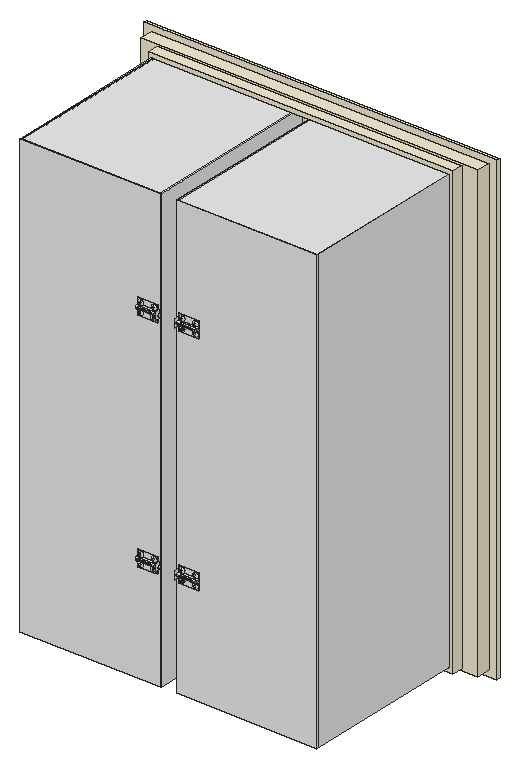
Revit family "4C-11_Door_High_Units_RL.rfa", category Specialty Equipment, host Wall, Revit 2016
Family settings
  Host = Wall
  Part Type = Normal
  Round Connector Dimension = Use Diameter
  Always vertical = Yes
  Cut with Voids When Loaded = No
  Shared = No
  Room Calculation Point = No
Parameters (values of type "3711D-20 RL")
  Width = 31.09766"
  Visible Door Number [instance] = yes
  Vertical Center Divider = yes
  Version = "2.0 (08/09/16)"
  Type Comments = "4C Standard Horizontal Mailbox - Rear Loading"
  Top Back Plate = no
  Right Inside Wall = yes
  Model = "3711D-20 RL"
  MasterFormat Title = "Postal Specialties"
  MasterFormat Number = "10 55 00"
  Manufacturer = "Salsbury Industries"
  Lock Material = Stainless Steel -Salsbury Finish =  Polished
  Lock Latches - Right Side = yes
  Lock Latches - Left Side = yes
  Left Inside Wall = yes
  Latch Alignment = 14.85742"
  Keynote = ""
  Height = 40.970"
  Front Panel Material [instance] = Aluminum - Salsbury Finish = Sandstone
  Door Slot R9 Number [instance] = "18"
  Door Slot R9 = 3700 Series 4C Door Configurations : MB1 Door w/ Divider
  Door Slot R8 Number [instance] = "17"
  Door Slot R8 = 3700 Series 4C Door Configurations : MB1 Door w/ Divider
  Door Slot R7 Number [instance] = "16"
  Door Slot R7 = 3700 Series 4C Door Configurations : MB1 Door w/ Divider
  Door Slot R6 Number [instance] = "0"
  Door Slot R6 = 3700 Series 4C OM2 Configuration : OM2-RL
  Door Slot R5 Number [instance] = "0"
  Door Slot R5 = 3700 Series 4C Door Configurations : Empty
  Door Slot R4 Number [instance] = "15"
  Door Slot R4 = 3700 Series 4C Door Configurations : MB1 Door w/ Divider
  Door Slot R3 Number [instance] = "14"
  Door Slot R3 = 3700 Series 4C Door Configurations : MB1 Door w/ Divider
  Door Slot R2 Number [instance] = "13"
  Door Slot R2 = 3700 Series 4C Door Configurations : MB1 Door w/ Divider
  Door Slot R11 Number [instance] = "20"
  Door Slot R11 = 3700 Series 4C Door Configurations : MB1 Door w/ Divider
  Door Slot R10 Number [instance] = "19"
  Door Slot R10 = 3700 Series 4C Door Configurations : MB1 Door w/ Divider
  Door Slot R1 Number [instance] = "12"
  Door Slot R1 = 3700 Series 4C Door Configurations : MB1 Door
  Door Slot L9 Number [instance] = "9"
  Door Slot L9 = 3700 Series 4C Door Configurations : MB1 Door w/ Divider
  Door Slot L8 Number [instance] = "8"
  Door Slot L8 = 3700 Series 4C Door Configurations : MB1 Door w/ Divider
  Door Slot L7 Number [instance] = "7"
  Door Slot L7 = 3700 Series 4C Door Configurations : MB1 Door w/ Divider
  Door Slot L6 Number [instance] = "6"
  Door Slot L6 = 3700 Series 4C Door Configurations : MB1 Door w/ Divider
  Door Slot L5 Number [instance] = "5"
  Door Slot L5 = 3700 Series 4C Door Configurations : MB1 Door w/ Divider
  Door Slot L4 Number [instance] = "4"
  Door Slot L4 = 3700 Series 4C Door Configurations : MB1 Door w/ Divider
  Door Slot L3 Number [instance] = "3"
  Door Slot L3 = 3700 Series 4C Door Configurations : MB1 Door w/ Divider
  Door Slot L2 Number [instance] = "2"
  Door Slot L2 = 3700 Series 4C Door Configurations : MB1 Door w/ Divider
  Door Slot L11 Number [instance] = "11"
  Door Slot L11 = 3700 Series 4C Door Configurations : MB1 Door w/ Divider
  Door Slot L10 Number [instance] = "10"
  Door Slot L10 = 3700 Series 4C Door Configurations : MB1 Door w/ Divider
  Door Slot L1 Number [instance] = "1"
  Door Slot L1 = 3700 Series 4C Door Configurations : MB1 Door
  Description = "11 Door High Unit: 20 MB1, OM2"
  Depth = 17.025"
  Center Extrusion Offset [instance] = 0.000"
  Bottom Back Plate = no
  Back Enclosure Material = Aluminum - Salsbury Finish = Anodized
  Assembly Code = "C1030910"
  Above Finished Floor (AFF-Bottom of Unit) [instance] = 26.683"
  Above Finished Floor (AFF-Bottom of Door) [instance] = 28.000"
Reference planes (in)
  plane 1 "Wall Centerline": y = 0
  plane 2 "Center (Left/Right)": x = 0
  plane 3 "Front": y = 3
  plane 4 "15" AFF": z = 28
  plane 5 "28" AFF": z = 28
  plane 6 "36" AFF": z = 36
  plane 7 "48" AFF": z = 48
  plane 8 "Bottom of Unit": z = 26.683
  plane 9 "Top of Unit": z = 67.653
  plane 10 "Left Side of Unit": x = 15.54883
  plane 11 "Right Side of Unit": x = -15.54883
  plane 12 "28" AFF_Bottom of Unit": z = 26.683
  plane 13 "Top Horiz Trim Align": z = 66.82225
  plane 14 "Bottom Horiz Trim Align": z = 27.515
  plane 15 "Left Trim Align": x = 14.716
  plane 16 "Right Trim Align": x = -14.716
  plane 17 "Left Door Align": x = 14.06641
  plane 18 "Right Door Align": x = -14.06641
  plane 19 "Top Horiz Door Align": z = 66.23125
  plane 20 "Bottom Horiz Door Align": z = 28
  plane 21 "Front Face of Unit": y = 3.265
  plane 22 "Top Housing Align": z = 67.149
  plane 23 "Top Collar Align": z = 67.001
  plane 24 "Top Box Align": z = 66.646
  plane 25 "Vertical Housing Align": y = 1.795
  plane 26 "Vertical Collar Align": y = 0.795
  plane 27 "Back of Unit": y = -13.76
  plane 28 "Bottom Housing Align": z = 27.187
  plane 29 "Bottom Collar Align": z = 27.335
  plane 30 "Bottom Box Align": z = 27.75
  plane 31 "Door Alignment": y = 2.66809
  plane 32 "Right Housing Align": x = -14.84183
  plane 33 "Right Collar Align": x = -13.40883
  plane 34 "Right Box Side Align": x = -13.08083
  plane 35 "Left Housing Align": x = 14.84183
  plane 36 "Left Collar Align": x = 13.40883
  plane 37 "Left Side Box Align": x = 13.08083
  plane 38 "Top Back Plate Align": z = 65.867
  plane 39 "Back": y = -3
  plane 40 "RO Left Side": x = 15.17383
  plane 41 "RO Right Side": x = -15.17383
  plane 42 "RO Bottom": z = 27.058
  plane 43 "RO Top": z = 67.278
  plane 44 "Horiz Centerline": z = 42.04237
  plane 45: x = 12.99983
  plane 46: x = 12.92758
  plane 47 "Center Extrusion": x = 0
  plane 48 "Center Extrusion Offset": x = 0
  plane 49 "Row 8 Top Align": z = 42
  plane 50 "Row 7 Top Align": z = 45.5
  plane 51 "Row 6 Top Align": z = 49
  plane 52 "Row 5 Top Align": z = 52.5
  plane 53 "Row 4 Top Align": z = 56
  plane 54 "Row 3 Top Align": z = 59.5
  plane 55 "Row 2 Top Align": z = 63
  plane 56 "Row 11 Top Align": z = 31.5
  plane 57 "Row 10 Top Align": z = 35
  plane 58 "Row 9 Top Align": z = 38.5
  plane 59 "Top of base shelf": z = 28.41625
  plane 60 "base shelf void": z = 28.23439
  plane 61: z = 29.999
  plane 62: z = 28.499
  plane 63 "bottom of base shelf": z = 27.88469
  plane 64 "Right Latch Align": x = -0.69141
  plane 65 "Left Latch Align": x = 0.69141
  plane 66 "Bottom Latch Align": z = 37.265
  plane 67 "Top Latch Align": z = 57.131
Forms (in)
  Extrusion 1, void
    sketch origin (0, 3, 0) x (1, 0, 0) y (0, 0, 1)
      loop
        line (15.17383, 67.278) -> (-15.17383, 67.278) -> (-15.17383, 27.058) -> (15.17383, 27.058) -> (15.17383, 67.278)
    from 0 to 15.27914
  Extrusion 2, solid, material "Aluminum - Salsbury Finish = Sandstone" <- "Front Panel Material"
    sketch origin (0, 3, 0) x (1, 0, 0) y (0, 0, 1)
      loop
        line (15.54883, 67.653) -> (-15.54883, 67.653) -> (-15.54883, 26.683) -> (15.54883, 26.683) -> (15.54883, 67.653)
    from -0.265 to 0
  Extrusion 3, void
    sketch origin (0, 3.265, 0.00774) x (0, 0, -1) y (-1, 0, 0)
      loop
        line (-66.81451, -14.716) -> (-27.50726, -14.716) -> (-27.50726, 14.716) -> (-66.81451, 14.716) -> (-66.81451, -14.716)
    from -0.265 to 0
  Extrusion 4, solid, material "Aluminum - Salsbury Finish = Sandstone" <- "Front Panel Material"
    sketch origin (14.98214, 3.265, -1.67978) x (0, 0, -1) y (-1, 0, 0)
      loop
        line (-68.50203, 29.69814) -> (-68.50203, 29.04855) -> (-29.19478, 29.04855) -> (-29.19478, 29.69814) -> (-68.50203, 29.69814)
    from 0 to -0.265
  Extrusion 5, solid, material "Aluminum - Salsbury Finish = Sandstone" <- "Front Panel Material"
    sketch origin (0, 3.265, 84.08475) x (0, 0, 1) y (1, 0, 0)
      loop
        line (-56.56975, 14.06641) -> (-56.56975, -14.06641) -> (-56.08475, -14.06641) -> (-56.08475, 14.06641) -> (-56.56975, 14.06641)
    from -0.265 to 0
  Extrusion 6, solid, material "Aluminum - Salsbury Finish = Sandstone" <- "Front Panel Material"
    sketch origin (0, 3, 84.08475) x (1, 0, 0) y (0, 0, 1)
      loop
        line (-14.84183, -56.89775) -> (14.84183, -56.89775) -> (14.84183, -16.93575) -> (-14.84183, -16.93575) -> (-14.84183, -56.89775)
    from 0 to 1.205
  Extrusion 7, solid, material "Aluminum - Salsbury Finish = Sandstone" <- "Front Panel Material"
    sketch origin (0, 1.795, 0) x (0, 0, 1) y (-1, 0, 0)
      loop
        line (27.335, 13.40883) -> (27.335, -13.40883) -> (67.001, -13.40883) -> (67.001, 13.40883) -> (27.335, 13.40883)
    from 0 to 1
  Extrusion 8, void
    sketch origin (0, 1.795, 0) x (0, 0, 1) y (-1, 0, 0)
      loop
        line (66.646, 13.08083) -> (27.75, 13.08083) -> (27.75, -13.08083) -> (66.646, -13.08083) -> (66.646, 13.08083)
    from 0 to 1
  Extrusion 9, solid, material "Aluminum - Salsbury Finish = Sandstone" <- "Front Panel Material"
    sketch origin (0, 3.265, 0) x (0, 0, -1) y (-1, 0, 0)
      loop
        line (-66.82225, -14.716) -> (-27.515, -14.716) -> (-27.515, -14.06641) -> (-66.82225, -14.06641) -> (-66.82225, -14.716)
    from 0 to -0.265
  Extrusion 10, solid, material "Aluminum - Salsbury Finish = Sandstone" <- "Front Panel Material"
    sketch origin (0, 3.265, 0) x (0, 0, -1) y (-1, 0, 0)
      loop
        line (-66.82225, -14.06641) -> (-66.23125, -14.06641) -> (-66.23125, 14.06641) -> (-66.82225, 14.06641) -> (-66.82225, -14.06641)
    from -0.265 to 0
  Extrusion 11, void
    sketch origin (0, 1.795, 0) x (0, 0, 1) y (-1, 0, 0)
      loop
        line (67.001, -13.40883) -> (67.001, 13.40883) -> (27.335, 13.40883) -> (27.335, -13.40883) -> (67.001, -13.40883)
    from -1.124 to 0
  Extrusion 12, void
    sketch origin (0, 3, 0) x (1, 0, 0) y (0, 0, 1)
      loop
        line (14.06641, 67.001) -> (-14.06641, 67.001) -> (-14.06641, 27.335) -> (14.06641, 27.335) -> (14.06641, 67.001)
    from 0 to 0.33191
  Extrusion 13, solid, material "Aluminum - Salsbury Finish = Anodized" <- "Back Enclosure Material"
    sketch origin (-0.54283, 1.795, 0) x (0, 0, 1) y (-1, 0, 0)
      loop
        line (66.646, 12.538) -> (27.75, 12.538) -> (27.75, 12.457) -> (66.646, 12.457) -> (66.646, 12.538)
    from 0 to 15.47297
  Extrusion 14, solid, material "Aluminum - Salsbury Finish = Anodized" <- "Back Enclosure Material", visible <- "Right Inside Wall"
    sketch origin (11.7675, 1.795, 0) x (0, 0, 1) y (-1, 0, 0)
      loop
        line (66.646, 12.538) -> (27.75, 12.538) -> (27.75, 12.457) -> (66.646, 12.457) -> (66.646, 12.538)
    from 0 to 15.47297
  Extrusion 15, solid, material "Aluminum - Salsbury Finish = Anodized" <- "Back Enclosure Material"
    sketch origin (0.54283, 1.795, 0) x (0, 0, 1) y (-1, 0, 0)
      loop
        line (66.646, -12.538) -> (66.646, -12.457) -> (27.75, -12.457) -> (27.75, -12.538) -> (66.646, -12.538)
    from 0 to 15.47297
  Extrusion 16, solid, material "Aluminum - Salsbury Finish = Anodized" <- "Back Enclosure Material", visible <- "Left Inside Wall"
    sketch origin (-11.7675, 1.795, 0) x (0, 0, 1) y (-1, 0, 0)
      loop
        line (66.646, -12.538) -> (66.646, -12.457) -> (27.75, -12.457) -> (27.75, -12.538) -> (66.646, -12.538)
    from 0 to 15.47297
  Extrusion 17, solid, material "Aluminum - Salsbury Finish = Anodized" <- "Back Enclosure Material"
    sketch origin (0, -13.76, 0) x (0, 0, 1) y (-1, 0, 0)
      loop
        line (66.646, 13.08083) -> (27.75, 13.08083) -> (27.75, -13.08083) -> (66.646, -13.08083) -> (66.646, 13.08083)
    from -0.08203 to 0
  Extrusion 18, solid, material "Aluminum - Salsbury Finish = Anodized" <- "Back Enclosure Material"
    sketch origin (0, 0, 66.646) x (0, 1, 0) y (-1, 0, 0)
      loop
        line (1.795, 12.99983) -> (-13.67797, 12.99983) -> (-13.67797, -12.99983) -> (1.795, -12.99983) -> (1.795, 12.99983)
    from -0.35871 to 0
  Extrusion 19, void
    sketch origin (0, 0, 66.646) x (0, 1, 0) y (-1, 0, 0)
      loop
        line (1.7325, 12.93342) -> (-13.61547, 12.93342) -> (-13.61547, -12.92758) -> (1.7325, -12.92758) -> (1.7325, 12.93342)
    from -0.0723 to -0.6459
  Extrusion 20, solid, material "Aluminum - Salsbury Finish = Anodized" <- "Back Enclosure Material"
    sketch origin (0, 0, 27.88469) x (-1, 0, 0) y (0, -1, 0)
      loop
        line (12.99983, -1.795) -> (12.99983, 13.67797) -> (-12.99983, 13.67797) -> (-12.99983, -1.795) -> (12.99983, -1.795)
    from 0.53156 to 0
  Extrusion 21, void
    sketch origin (0, 0, 27.88469) x (-1, 0, 0) y (0, -1, 0)
      loop
        line (12.93342, -1.7325) -> (12.93342, 13.61547) -> (-12.92758, 13.61547) -> (-12.92758, -1.7325) -> (12.93342, -1.7325)
    from 0.3497 to 0
  Extrusion 22, solid, material "Aluminum - Salsbury Finish = Anodized" <- "Back Enclosure Material", visible <- "Top Back Plate"
    sketch origin (0, -13.76, 0) x (0, 0, 1) y (-1, 0, 0)
      loop
        line (65.867, 2) -> (64.367, 2) -> (64.367, -2) -> (65.867, -2) -> (65.867, 2)
    from 0 to 0.08203
  Extrusion 23, solid, material "Aluminum - Salsbury Finish = Anodized" <- "Back Enclosure Material", visible <- "Bottom Back Plate"
    sketch origin (0, -13.76, 84.11475) x (0, 0, -1) y (1, 0, 0)
      loop
        line (55.61575, -2) -> (55.61575, 2) -> (54.11575, 2) -> (54.11575, -2) -> (55.61575, -2)
    from 0 to 0.08203
  Extrusion 24, void
    sketch origin (0, 0, 0) x (0, 0, 1) y (0, 1, 0)
      loop
        line (66.646, 1.795) -> (66.82225, 1.795) -> (66.82225, 3.265) -> (27.515, 3.265) -> (27.515, 1.795) -> (27.75, 1.795) -> (27.75, -13.76) -> (66.646, -13.76) -> (66.646, 1.795)
    from -0.69141 to 0.69141
  Extrusion 25, solid, material "Aluminum - Salsbury Finish = Sandstone" <- "Front Panel Material", visible <- "Vertical Center Divider"
    sketch origin (-0.77934, 3.265, 0) x (0, 0, -1) y (-1, 0, 0)
      loop
        line (-66.82225, -1.47075) -> (-27.515, -1.47075) -> (-27.515, -0.08794) -> (-66.82225, -0.08794) -> (-66.82225, -1.47075)
    from 0 to -1.47
Cuts and joins
  Extrusion 3, Extrusion 11, Extrusion 24 cuts Extrusion 2
  Extrusion 8, Extrusion 11, Extrusion 12, Extrusion 24 cuts Extrusion 5
  Extrusion 8, Extrusion 12, Extrusion 19, Extrusion 24 cuts Extrusion 7
  Extrusion 11, Extrusion 12, Extrusion 24 cuts Extrusion 10
  Extrusion 11, Extrusion 12 cuts Extrusion 6
  Extrusion 12 cuts Extrusion 4
  Extrusion 12 cuts Extrusion 9
  Extrusion 19, Extrusion 21, Extrusion 24 cuts Extrusion 18
  Extrusion 21, Extrusion 24 cuts Extrusion 20
  Extrusion 24 cuts Extrusion 17
  Extrusion 24 cuts Extrusion 22
  Extrusion 24 cuts Extrusion 23
Lines and regions (in)
  model lines
    curve 1: line (15.54883, 3.265, 67.653) -> (14.716, 3.265, 66.82017)
    curve 2: line (-15.54883, 3.265, 67.653) -> (-14.716, 3.265, 66.82017)
    curve 3: line (-15.54883, 3.265, 26.683) -> (-14.716, 3.265, 27.51583)
    curve 4: line (15.54883, 3.265, 26.683) -> (14.716, 3.265, 27.51583)
  reference lines
    curve 5: line (-14.06641, 2.66809, 25.683) -> (-14.06641, 2.66809, 71.93425)
    curve 6: line (14.06641, 2.66809, 26.183) -> (14.06641, 2.66809, 71.93425)
Text (in)
  text "Placement Side" at (0, 40.15149, 123.01588), in view "Right"
  text "Placement Side" at (-58.6842, 42.74981, 0), in view "Ref. Level"
  text "Placement Side" at (0, 47.49176, 140.59947), in view "Left"
Dimensions and locks (in)
  locked: plane 3 "Front" to host wall
  "Above Finished Floor (AFF-Bottom of Door)": level to plane 4 "15" AFF"
  locked: level to plane 5 "28" AFF" at 28
  locked: level to plane 6 "36" AFF" at 36
  locked: level to plane 7 "48" AFF" at 48
  equal spacing: plane 11 "Right Side of Unit", plane 2 "Center (Left/Right)", plane 10 "Left Side of Unit"
  plane 8 "Bottom of Unit" to plane 4 "15" AFF" = 1.317"
  "Width": plane 11 "Right Side of Unit" to plane 10 "Left Side of Unit"
  "Height": plane 8 "Bottom of Unit" to plane 9 "Top of Unit"
  plane 12 "28" AFF_Bottom of Unit" to plane 5 "28" AFF" = 1.317"
  locked: plane 15 "Left Trim Align" to plane 10 "Left Side of Unit" at 0.83283
  locked: plane 16 "Right Trim Align" to plane 11 "Right Side of Unit" at 0.83283
  locked: plane 13 "Top Horiz Trim Align" to plane 9 "Top of Unit" at 0.83075
  locked: plane 8 "Bottom of Unit" to plane 14 "Bottom Horiz Trim Align" at 0.832
  plane 17 "Left Door Align" to plane 15 "Left Trim Align" = 0.64959"
  plane 18 "Right Door Align" to plane 16 "Right Trim Align" = 0.64959"
  locked: plane 19 "Top Horiz Door Align" to plane 13 "Top Horiz Trim Align" at 0.591
  locked: plane 14 "Bottom Horiz Trim Align" to plane 20 "Bottom Horiz Door Align" at 0.485
  plane 20 "Bottom Horiz Door Align" to level = 28.000"
  plane 5 "28" AFF" to level = 28.000"
  plane 6 "36" AFF" to level = 36.000"
  plane 7 "48" AFF" to level = 48.000"
  plane 9 "Top of Unit" to plane 8 "Bottom of Unit" = 40.970"
  plane 21 "Front Face of Unit" to host wall = 0.265"
  locked: host wall to plane 25 "Vertical Housing Align" at 1.205
  locked: plane 25 "Vertical Housing Align" to plane 26 "Vertical Collar Align" at 1
  plane 25 "Vertical Housing Align" to plane 27 "Back of Unit" = 15.555"
  "Depth": plane 21 "Front Face of Unit" to plane 27 "Back of Unit"
  locked: plane 9 "Top of Unit" to plane 22 "Top Housing Align" at 0.504
  locked: plane 22 "Top Housing Align" to plane 23 "Top Collar Align" at 0.148
  locked: plane 23 "Top Collar Align" to plane 24 "Top Box Align" at 0.355
  locked: plane 28 "Bottom Housing Align" to plane 8 "Bottom of Unit" at 0.504
  locked: plane 29 "Bottom Collar Align" to plane 28 "Bottom Housing Align" at 0.148
  locked: plane 30 "Bottom Box Align" to plane 29 "Bottom Collar Align" at 0.415
  plane 24 "Top Box Align" to plane 30 "Bottom Box Align" = 38.896"  (x2)
  locked: plane 21 "Front Face of Unit" to plane 31 "Door Alignment" at 0.59691
  plane 11 "Right Side of Unit" to plane 32 "Right Housing Align" to plane 33 "Right Collar Align" to plane 34 "Right Box Side Align" = 0.707" locked, 1.433" locked, 0.328" locked
  plane 37 "Left Side Box Align" to plane 36 "Left Collar Align" to plane 35 "Left Housing Align" to plane 10 "Left Side of Unit" = 0.328" locked, 1.433" locked, 0.707" locked
  plane 11 "Right Side of Unit" to plane 32 "Right Housing Align" to plane 33 "Right Collar Align" to plane 34 "Right Box Side Align" = 0.707", 1.433", 0.328"
  plane 37 "Left Side Box Align" to plane 36 "Left Collar Align" to plane 35 "Left Housing Align" to plane 10 "Left Side of Unit" = 0.328", 1.433", 0.707"
  plane 9 "Top of Unit" to plane 24 "Top Box Align" = 1.007"
  plane 30 "Bottom Box Align" to plane 8 "Bottom of Unit" = 1.067"
  locked: plane 24 "Top Box Align" to plane 38 "Top Back Plate Align" at 0.779
  locked: plane 40 "RO Left Side" to plane 10 "Left Side of Unit" at 0.375
  locked: plane 41 "RO Right Side" to plane 11 "Right Side of Unit" at 0.375
  locked: plane 8 "Bottom of Unit" to plane 42 "RO Bottom" at 0.375
  locked: plane 43 "RO Top" to plane 9 "Top of Unit" at 0.375
  Extrusion 13 to Extrusion 13 = 0.081"
  Extrusion 15 to Extrusion 15 = 0.081"
  plane 45 to plane 37 "Left Side Box Align" = 0.081"
  plane 46 to plane 45 = 0.07225"
  plane 18 "Right Door Align" to plane 17 "Left Door Align" = 28.13281"
  "Center Extrusion Offset": plane 47 "Center Extrusion" to plane 48 "Center Extrusion Offset"
  plane 20 "Bottom Horiz Door Align" to plane 56 "Row 11 Top Align" to plane 57 "Row 10 Top Align" to plane 58 "Row 9 Top Align" to plane 49 "Row 8 Top Align" to plane 50 "Row 7 Top Align" = 3.500" locked, 3.500" locked, 3.500" locked, 3.500" locked, 3.500" locked
  plane 50 "Row 7 Top Align" to plane 51 "Row 6 Top Align" to plane 52 "Row 5 Top Align" to plane 53 "Row 4 Top Align" to plane 54 "Row 3 Top Align" to plane 55 "Row 2 Top Align" = 3.500" locked, 3.500" locked, 3.500" locked, 3.500" locked, 3.500" locked
  plane 59 "Top of base shelf" to plane 60 "base shelf void" to plane 63 "bottom of base shelf" to plane 30 "Bottom Box Align" = 0.18186" locked, 0.3497" locked, 0.13469" locked
  plane 61 to plane 62 to plane 8 "Bottom of Unit" = 1.500" locked, 1.816" locked
  "Above Finished Floor (AFF-Bottom of Unit)": level to plane 8 "Bottom of Unit"
  locked: plane 64 "Right Latch Align" to plane 65 "Left Latch Align" at 1.38281
  plane 24 "Top Box Align" to plane 67 "Top Latch Align" = 9.515"
  plane 66 "Bottom Latch Align" to plane 30 "Bottom Box Align" = 9.515"
  "Latch Alignment": plane 11 "Right Side of Unit" to plane 64 "Right Latch Align"
  aligned and locked: plane 8 "Bottom of Unit" to Extrusion 2 sketch curve
  aligned and locked: plane 10 "Left Side of Unit" to Extrusion 2 sketch curve
  aligned and locked: Extrusion 2 sketch curve to plane 11 "Right Side of Unit"
  aligned and locked: Extrusion 2 sketch curve to plane 9 "Top of Unit"
  aligned and locked: plane 21 "Front Face of Unit" to Extrusion 2
  aligned and locked: Extrusion 4 to plane 16 "Right Trim Align"
  aligned and locked: plane 18 "Right Door Align" to Extrusion 4
  aligned and locked: plane 13 "Top Horiz Trim Align" to Extrusion 4
  aligned and locked: Extrusion 5 to plane 14 "Bottom Horiz Trim Align"
  aligned and locked: Extrusion 5 to plane 17 "Left Door Align"
  aligned and locked: plane 20 "Bottom Horiz Door Align" to Extrusion 5
  aligned and locked: Extrusion 5 to plane 18 "Right Door Align"
  aligned and locked: plane 34 "Right Box Side Align" to Extrusion 17 sketch curve
  aligned and locked: Extrusion 17 sketch curve to plane 24 "Top Box Align"
  aligned and locked: Extrusion 17 sketch curve to plane 37 "Left Side Box Align"
  aligned and locked: plane 30 "Bottom Box Align" to Extrusion 17 sketch curve
  aligned and locked: plane 25 "Vertical Housing Align" to Extrusion 18 sketch curve
  aligned and locked: Extrusion 18 sketch curve to plane 45
  aligned and locked: plane 46 to Extrusion 19
  aligned and locked: plane 45 to cut or joined group of Extrusion 18, Extrusion 19, Extrusion 21, Extrusion 24
  aligned and locked: plane 25 "Vertical Housing Align" to Extrusion 20 sketch curve
  aligned and locked: Extrusion 20 sketch curve to plane 45
  aligned and locked: plane 46 to cut or joined group of Extrusion 20, Extrusion 21, Extrusion 24
  aligned and locked: plane 17 "Left Door Align" to cut or joined group of Extrusion 9, Extrusion 12
  aligned and locked: plane 25 "Vertical Housing Align" to Extrusion 25
  aligned and locked: plane 21 "Front Face of Unit" to Extrusion 25
  aligned and locked: nested 12 to plane 17 "Left Door Align"
  aligned and locked: plane 31 "Door Alignment" to nested 12  (x2)
  aligned and locked: nested 13 to plane 17 "Left Door Align"
  aligned and locked: plane 31 "Door Alignment" to nested 13  (x2)
  aligned and locked: nested 15 to plane 17 "Left Door Align"
  aligned and locked: plane 31 "Door Alignment" to nested 15
  aligned and locked: nested 18 to plane 17 "Left Door Align"
  aligned and locked: plane 31 "Door Alignment" to nested 18
  aligned and locked: nested 19 to plane 17 "Left Door Align"
  aligned and locked: plane 31 "Door Alignment" to nested 19  (x2)
  aligned and locked: nested 20 to plane 17 "Left Door Align"
  aligned and locked: plane 31 "Door Alignment" to nested 20
  aligned and locked: nested 21 to plane 17 "Left Door Align"
  aligned and locked: plane 31 "Door Alignment" to nested 21
  aligned and locked: nested 11 to curve 5
  aligned and locked: nested 9 to curve 5
  aligned and locked: nested 8 to curve 5
  aligned and locked: nested 7 to curve 5
  aligned and locked: nested 6 to curve 5
  aligned and locked: nested 5 to curve 5
  aligned and locked: nested 3 to curve 5
  aligned and locked: nested 22 to curve 6
  aligned and locked: nested 21 to curve 6
  aligned and locked: nested 20 to curve 6
  aligned and locked: nested 19 to curve 6
  aligned and locked: nested 18 to curve 6
  aligned and locked: nested 17 to curve 6
  aligned and locked: nested 16 to curve 6
  aligned and locked: nested 15 to curve 6
  aligned and locked: nested 14 to curve 6
  aligned and locked: nested 13 to curve 6
  aligned and locked: nested 12 to curve 6
  aligned and locked: plane 31 "Door Alignment" to nested 6
  aligned and locked: plane 31 "Door Alignment" to nested 11
  aligned and locked: plane 31 "Door Alignment" to nested 22
  aligned and locked: plane 31 "Door Alignment" to nested 9
  aligned and locked: plane 31 "Door Alignment" to nested 8
  aligned and locked: plane 31 "Door Alignment" to nested 17
  aligned and locked: plane 31 "Door Alignment" to nested 5
  aligned and locked: plane 31 "Door Alignment" to nested 3
  aligned and locked: plane 31 "Door Alignment" to nested 14
  aligned and locked: plane 31 "Door Alignment" to nested 16
  aligned and locked: plane 31 "Door Alignment" to nested 2
  aligned and locked: plane 31 "Door Alignment" to nested 4
  aligned and locked: plane 31 "Door Alignment" to nested 10
  aligned and locked: nested 10 to curve 5
  aligned and locked: nested 1 to curve 5
  aligned and locked: nested 2 to curve 5
  aligned and locked: nested 4 to curve 5
  aligned and locked: plane 31 "Door Alignment" to nested 1
  aligned and locked: plane 31 "Door Alignment" to nested 7
  aligned and locked: cut or joined group of Extrusion 23, Extrusion 24 to plane 62
  aligned and locked: plane 59 "Top of base shelf" to cut or joined group of Extrusion 20, Extrusion 21, Extrusion 24
  aligned and locked: cut or joined group of Extrusion 20, Extrusion 21, Extrusion 24 to plane 63 "bottom of base shelf"
  aligned and locked: plane 20 "Bottom Horiz Door Align" to nested 11
  aligned and locked: plane 20 "Bottom Horiz Door Align" to nested 22
  aligned and locked: plane 56 "Row 11 Top Align" to nested 10
  aligned and locked: plane 56 "Row 11 Top Align" to nested 21
  aligned and locked: plane 57 "Row 10 Top Align" to nested 9
  aligned and locked: plane 57 "Row 10 Top Align" to nested 20
  aligned and locked: plane 58 "Row 9 Top Align" to nested 8
  aligned and locked: plane 58 "Row 9 Top Align" to nested 19
  aligned and locked: plane 49 "Row 8 Top Align" to nested 7
  aligned and locked: plane 49 "Row 8 Top Align" to nested 18
  aligned and locked: plane 50 "Row 7 Top Align" to nested 6
  aligned and locked: plane 50 "Row 7 Top Align" to nested 17
  aligned and locked: plane 51 "Row 6 Top Align" to nested 5
  aligned and locked: plane 51 "Row 6 Top Align" to nested 16
  aligned and locked: plane 52 "Row 5 Top Align" to nested 4
  aligned and locked: plane 52 "Row 5 Top Align" to nested 15
  aligned and locked: plane 53 "Row 4 Top Align" to nested 3
  aligned and locked: plane 53 "Row 4 Top Align" to nested 14
  aligned and locked: plane 54 "Row 3 Top Align" to nested 2
  aligned and locked: plane 54 "Row 3 Top Align" to nested 13
  aligned and locked: plane 55 "Row 2 Top Align" to nested 1
  aligned and locked: plane 55 "Row 2 Top Align" to nested 12
  aligned and locked: nested 24 to plane 27 "Back of Unit"
  aligned and locked: nested 23 to plane 27 "Back of Unit"
  aligned and locked: nested 26 to plane 27 "Back of Unit"
  aligned and locked: nested 25 to plane 27 "Back of Unit"
  aligned and locked: plane 66 "Bottom Latch Align" to nested 26
  aligned and locked: plane 66 "Bottom Latch Align" to nested 25
  aligned and locked: plane 65 "Left Latch Align" to nested 26
  aligned and locked: plane 64 "Right Latch Align" to nested 25
  aligned and locked: plane 67 "Top Latch Align" to nested 24
  aligned and locked: plane 67 "Top Latch Align" to nested 23
  aligned and locked: plane 65 "Left Latch Align" to nested 24
  aligned and locked: plane 64 "Right Latch Align" to nested 23
Automatic sketch dimensions
  Extrusion 1 sketch curve to plane 41 "RO Right Side" = 0.000"
  plane 40 "RO Left Side" to Extrusion 1 sketch curve = 0.000"
  Extrusion 1 sketch curve to plane 42 "RO Bottom" = 0.000"
  Extrusion 1 sketch curve to plane 43 "RO Top" = 0.000"
  Extrusion 6 sketch curve to plane 22 "Top Housing Align" = 0.000"
  Extrusion 6 sketch curve to plane 32 "Right Housing Align" = 0.000"
  Extrusion 6 sketch curve to plane 35 "Left Housing Align" = 0.000"
  Extrusion 6 sketch curve to plane 28 "Bottom Housing Align" = 0.000"
  Extrusion 7 sketch curve to plane 29 "Bottom Collar Align" = 0.000"
  Extrusion 7 sketch curve to plane 23 "Top Collar Align" = 0.000"
  plane 36 "Left Collar Align" to Extrusion 7 sketch curve = 0.000"
  Extrusion 7 sketch curve to plane 33 "Right Collar Align" = 0.000"
  Extrusion 8 sketch curve to plane 30 "Bottom Box Align" = 0.000"
  Extrusion 8 sketch curve to plane 24 "Top Box Align" = 0.000"
  Extrusion 8 sketch curve to plane 37 "Left Side Box Align" = 0.000"
  plane 34 "Right Box Side Align" to Extrusion 8 sketch curve = 0.000"
  Extrusion 11 sketch curve to plane 29 "Bottom Collar Align" = 0.000"
  Extrusion 11 sketch curve to plane 23 "Top Collar Align" = 0.000"
  plane 36 "Left Collar Align" to Extrusion 11 sketch curve = 0.000"
  plane 33 "Right Collar Align" to Extrusion 11 sketch curve = 0.000"
  Extrusion 13 sketch curve to plane 30 "Bottom Box Align" = 0.000"
  Extrusion 13 sketch curve to plane 24 "Top Box Align" = 0.000"
  plane 34 "Right Box Side Align" to Extrusion 13 sketch curve = 0.000"
  Extrusion 13 sketch curve to Extrusion 13 sketch curve = 0.081"
  Extrusion 15 sketch curve to plane 30 "Bottom Box Align" = 0.000"
  Extrusion 15 sketch curve to plane 24 "Top Box Align" = 0.000"
  plane 37 "Left Side Box Align" to Extrusion 15 sketch curve = 0.000"
  plane 37 "Left Side Box Align" to Extrusion 15 sketch curve = 0.081"
  Extrusion 18 sketch curve to plane 27 "Back of Unit" = 0.08203"
  plane 34 "Right Box Side Align" to Extrusion 18 sketch curve = 0.081"
  curve 2 to plane 9 "Top of Unit" = 0.000"
  curve 1 to plane 9 "Top of Unit" = 0.000"
  curve 2 to plane 16 "Right Trim Align" = 0.000"
  plane 15 "Left Trim Align" to curve 1 = 0.000"
  curve 3 to plane 16 "Right Trim Align" = 0.000"
  plane 15 "Left Trim Align" to curve 4 = 0.000"
  curve 4 to plane 8 "Bottom of Unit" = 0.000"
  curve 3 to plane 8 "Bottom of Unit" = 0.000"
  plane 10 "Left Side of Unit" to curve 4 = 0.000"
  plane 10 "Left Side of Unit" to curve 1 = 0.000"
  plane 11 "Right Side of Unit" to curve 3 = 0.000"
  plane 11 "Right Side of Unit" to curve 2 = 0.000"
  curve 2 to plane 13 "Top Horiz Trim Align" = 0.00208"
  curve 1 to plane 13 "Top Horiz Trim Align" = 0.00208"
  plane 14 "Bottom Horiz Trim Align" to curve 3 = 0.00083"
  plane 14 "Bottom Horiz Trim Align" to curve 4 = 0.00083"
  Extrusion 3 sketch curve to plane 13 "Top Horiz Trim Align" = 0.000"
  Extrusion 3 sketch curve to plane 14 "Bottom Horiz Trim Align" = 0.000"
  plane 15 "Left Trim Align" to Extrusion 3 sketch curve = 0.000"
  Extrusion 3 sketch curve to plane 16 "Right Trim Align" = 0.000"
  plane 13 "Top Horiz Trim Align" to Extrusion 4 sketch curve = 0.000"
  plane 14 "Bottom Horiz Trim Align" to Extrusion 4 sketch curve = 0.000"
  Extrusion 4 sketch curve to plane 16 "Right Trim Align" = 0.000"
  Extrusion 4 sketch curve to plane 18 "Right Door Align" = 0.000"
  Extrusion 5 sketch curve to plane 14 "Bottom Horiz Trim Align" = 0.000"
  Extrusion 5 sketch curve to plane 4 "15" AFF" = 0.000"
  plane 17 "Left Door Align" to Extrusion 5 sketch curve = 0.000"
  Extrusion 5 sketch curve to plane 18 "Right Door Align" = 0.000"
  Extrusion 9 sketch curve to plane 13 "Top Horiz Trim Align" = 0.000"
  Extrusion 9 sketch curve to plane 14 "Bottom Horiz Trim Align" = 0.000"
  plane 15 "Left Trim Align" to Extrusion 9 sketch curve = 0.000"
  plane 17 "Left Door Align" to Extrusion 9 sketch curve = 0.000"
  Extrusion 10 sketch curve to plane 13 "Top Horiz Trim Align" = 0.000"
  plane 17 "Left Door Align" to Extrusion 10 sketch curve = 0.000"
  Extrusion 10 sketch curve to plane 18 "Right Door Align" = 0.000"
  Extrusion 10 sketch curve to plane 19 "Top Horiz Door Align" = 0.000"
  Extrusion 12 sketch curve to plane 18 "Right Door Align" = 0.000"
  plane 17 "Left Door Align" to Extrusion 12 sketch curve = 0.000"
  Extrusion 12 sketch curve to plane 29 "Bottom Collar Align" = 0.000"
  Extrusion 12 sketch curve to plane 23 "Top Collar Align" = 0.000"
  Extrusion 14 sketch curve to plane 30 "Bottom Box Align" = 0.000"
  Extrusion 14 sketch curve to plane 24 "Top Box Align" = 0.000"
  Extrusion 14 sketch curve to plane 2 "Center (Left/Right)" = 0.6895"
  Extrusion 14 sketch curve to Extrusion 14 sketch curve = 0.081"
  Extrusion 16 sketch curve to plane 30 "Bottom Box Align" = 0.000"
  Extrusion 16 sketch curve to plane 24 "Top Box Align" = 0.000"
  Extrusion 16 sketch curve to plane 2 "Center (Left/Right)" = 0.6895"
  Extrusion 16 sketch curve to Extrusion 16 sketch curve = 0.081"
  Extrusion 19 sketch curve to plane 46 = 0.000"
  Extrusion 19 sketch curve to plane 27 "Back of Unit" = 0.14453"
  plane 25 "Vertical Housing Align" to Extrusion 19 sketch curve = 0.0625"
  plane 34 "Right Box Side Align" to Extrusion 19 sketch curve = 0.14741"
  Extrusion 22 sketch curve to plane 38 "Top Back Plate Align" = 0.000"
  plane 38 "Top Back Plate Align" to Extrusion 22 sketch curve = 1.500"
  plane 2 "Center (Left/Right)" to Extrusion 22 sketch curve = 2.000"
  Extrusion 22 sketch curve to plane 2 "Center (Left/Right)" = 2.000"
  Extrusion 23 sketch curve to plane 2 "Center (Left/Right)" = 2.000"
  plane 2 "Center (Left/Right)" to Extrusion 23 sketch curve = 2.000"
  Extrusion 24 sketch curve to plane 14 "Bottom Horiz Trim Align" = 0.000"
  Extrusion 24 sketch curve to plane 25 "Vertical Housing Align" = 0.000"  (x2)
  Extrusion 24 sketch curve to plane 30 "Bottom Box Align" = 0.000"
  Extrusion 24 sketch curve to plane 24 "Top Box Align" = 0.000"
  Extrusion 24 sketch curve to plane 13 "Top Horiz Trim Align" = 0.000"
  Extrusion 24 sketch curve to plane 27 "Back of Unit" = 0.000"
  Extrusion 24 sketch curve to plane 21 "Front Face of Unit" = 0.000"
  Extrusion 25 sketch curve to plane 13 "Top Horiz Trim Align" = 0.000"
  Extrusion 25 sketch curve to plane 14 "Bottom Horiz Trim Align" = 0.000"
  plane 2 "Center (Left/Right)" to Extrusion 25 sketch curve = 0.69141"
  Extrusion 25 sketch curve to plane 2 "Center (Left/Right)" = 0.69141"
  curve 5 to plane 18 "Right Door Align" = 0.000"
  plane 17 "Left Door Align" to curve 6 = 0.000"
  curve 5 to plane 8 "Bottom of Unit" = 1.000"
  curve 6 to plane 8 "Bottom of Unit" = 0.500"
  plane 9 "Top of Unit" to curve 6 = 4.28125"
  plane 9 "Top of Unit" to curve 5 = 4.28125"
  Extrusion 23 sketch curve to plane 4 "15" AFF" = 0.499"
  Extrusion 23 sketch curve to Extrusion 23 sketch curve = 1.500"
  plane 34 "Right Box Side Align" to Extrusion 20 sketch curve = 0.081"
  Extrusion 20 sketch curve to plane 27 "Back of Unit" = 0.08203"
  Extrusion 21 sketch curve to plane 46 = 0.000"
  plane 34 "Right Box Side Align" to Extrusion 21 sketch curve = 0.14741"
  plane 25 "Vertical Housing Align" to Extrusion 21 sketch curve = 0.0625"
  Extrusion 21 sketch curve to plane 27 "Back of Unit" = 0.14453"
Nested families (in)
  nested 1: "3700 Series 4C Door Configurations" at (-7.37891, 2.79505, 63) x (-1, 0, 0) z (0, 0, 1), type <- "Door Slot R1", Door Number <- "Door Slot R1 Number", type "MB1 Door"
    with Door Number "12"
  nested 2: "3700 Series 4C Door Configurations" at (-7.37891, 2.79505, 59.5) x (-1, 0, 0) z (0, 0, 1), type <- "Door Slot R2", Door Number <- "Door Slot R2 Number", type "MB1 Door w/ Divider"
    with Door Number "13"
  nested 3: "3700 Series 4C Door Configurations" at (-7.37891, 2.79505, 56) x (-1, 0, 0) z (0, 0, 1), type <- "Door Slot R3", Door Number <- "Door Slot R3 Number", type "MB1 Door w/ Divider"
    with Door Number "14"
  nested 4: "3700 Series 4C Door Configurations" at (-7.37891, 2.79505, 52.5) x (-1, 0, 0) z (0, 0, 1), type <- "Door Slot R4", Door Number <- "Door Slot R4 Number", type "MB1 Door w/ Divider"
    with Door Number "15"
  nested 5: "3700 Series 4C Door Configurations" at (-7.37891, 2.79505, 49) x (-1, 0, 0) z (0, 0, 1), type <- "Door Slot R5", Door Number <- "Door Slot R5 Number", type "Empty"
    with Door Number "0"
  nested 6: "3700 Series 4C OM2 Configuration" at (-7.37891, 2.79505, 45.5) x (-1, 0, 0) z (0, 0, 1), type <- "Door Slot R6", type "OM2-RL"
  nested 7: "3700 Series 4C Door Configurations" at (-7.37891, 2.79505, 42) x (-1, 0, 0) z (0, 0, 1), type <- "Door Slot R7", Door Number <- "Door Slot R7 Number", type "MB1 Door w/ Divider"
    with Door Number "16"
  nested 8: "3700 Series 4C Door Configurations" at (-7.37891, 2.79505, 38.5) x (-1, 0, 0) z (0, 0, 1), type <- "Door Slot R8", Door Number <- "Door Slot R8 Number", type "MB1 Door w/ Divider"
    with Door Number "17"
  nested 9: "3700 Series 4C Door Configurations" at (-7.37891, 2.79505, 35) x (-1, 0, 0) z (0, 0, 1), type <- "Door Slot R9", Door Number <- "Door Slot R9 Number", type "MB1 Door w/ Divider"
    with Door Number "18"
  nested 10: "3700 Series 4C Door Configurations" at (-7.37891, 2.79505, 31.5) x (-1, 0, 0) z (0, 0, 1), Door Number <- "Door Slot R10 Number", type <- "Door Slot R10", type "MB1 Door w/ Divider"
    with Door Number "19"
  nested 11: "3700 Series 4C Door Configurations" at (-7.37891, 2.79505, 28) x (-1, 0, 0) z (0, 0, 1), Door Number <- "Door Slot R11 Number", type <- "Door Slot R11", type "MB1 Door w/ Divider"
    with Door Number "20"
  nested 12: "3700 Series 4C Door Configurations" at (7.37891, 2.79505, 63) x (-1, 0, 0) z (0, 0, 1), type <- "Door Slot L1", Door Number <- "Door Slot L1 Number", type "MB1 Door"
    with Door Number "1"
  nested 13: "3700 Series 4C Door Configurations" at (7.37891, 2.79505, 59.5) x (-1, 0, 0) z (0, 0, 1), type <- "Door Slot L2", Door Number <- "Door Slot L2 Number", type "MB1 Door w/ Divider"
    with Door Number "2"
  nested 14: "3700 Series 4C Door Configurations" at (7.37891, 2.79505, 56) x (-1, 0, 0) z (0, 0, 1), type <- "Door Slot L3", Door Number <- "Door Slot L3 Number", type "MB1 Door w/ Divider"
    with Door Number "3"
  nested 15: "3700 Series 4C Door Configurations" at (7.37891, 2.79505, 52.5) x (-1, 0, 0) z (0, 0, 1), type <- "Door Slot L4", Door Number <- "Door Slot L4 Number", type "MB1 Door w/ Divider"
    with Door Number "4"
  nested 16: "3700 Series 4C Door Configurations" at (7.37891, 2.79505, 49) x (-1, 0, 0) z (0, 0, 1), type <- "Door Slot L5", Door Number <- "Door Slot L5 Number", type "MB1 Door w/ Divider"
    with Door Number "5"
  nested 17: "3700 Series 4C Door Configurations" at (7.37891, 2.79505, 45.5) x (-1, 0, 0) z (0, 0, 1), type <- "Door Slot L6", Door Number <- "Door Slot L6 Number", type "MB1 Door w/ Divider"
    with Door Number "6"
  nested 18: "3700 Series 4C Door Configurations" at (7.37891, 2.79505, 42) x (-1, 0, 0) z (0, 0, 1), Door Number <- "Door Slot L7 Number", type <- "Door Slot L7", type "MB1 Door w/ Divider"
    with Door Number "7"
  nested 19: "3700 Series 4C Door Configurations" at (7.37891, 2.79505, 38.5) x (-1, 0, 0) z (0, 0, 1), type <- "Door Slot L8", Door Number <- "Door Slot L8 Number", type "MB1 Door w/ Divider"
    with Door Number "8"
  nested 20: "3700 Series 4C Door Configurations" at (7.37891, 2.79505, 35) x (-1, 0, 0) z (0, 0, 1), type <- "Door Slot L9", Door Number <- "Door Slot L9 Number", type "MB1 Door w/ Divider"
    with Door Number "9"
  nested 21: "3700 Series 4C Door Configurations" at (7.37891, 2.79505, 31.5) x (-1, 0, 0) z (0, 0, 1), type <- "Door Slot L10", Door Number <- "Door Slot L10 Number", type "MB1 Door w/ Divider"
    with Door Number "10"
  nested 22: "3700 Series 4C Door Configurations" at (7.37891, 2.79505, 28) x (-1, 0, 0) z (0, 0, 1), type <- "Door Slot L11", Door Number <- "Door Slot L11 Number", type "MB1 Door w/ Divider"
    with Door Number "11"
  nested 23: "4C Latch Lock-Right" at (-1.81641, -13.882, 56.4435) x (-1, 0, 0) z (0, 0, 1), type "Lock Latch"
  nested 24: "4C Latch Lock-Left" at (1.81641, -13.882, 56.4435) x (-1, 0, 0) z (0, 0, 1), type "Lock Latch"
  nested 25: "4C Latch Lock-Right" at (-1.81641, -13.882, 36.5775) x (-1, 0, 0) z (0, 0, 1), type "Lock Latch"
  nested 26: "4C Latch Lock-Left" at (1.81641, -13.882, 36.5775) x (-1, 0, 0) z (0, 0, 1), type "Lock Latch"
Definition of nested family "3700 Series 4C Door Configurations"
  Parameters (values of type "MB1 Door w/ Divider")
    Weight = "5 lbs."
    Visible Door Number = yes
    URL = ""
    Model = "3700MB1"
    Manufacturer = "Salsbury Industries"
    Lock Material = none
    Inset Offset = 0.000"
    Front Panel Material = none
    Door Width = 13.375"
    Door Visibility-MB1 = yes
    Door Number [instance] = "101"
    Door Lock = yes
    Door Height = 3.23047"
    Door Divider = yes
    Door Depth = 0.25391"
    Description = "MB1 Door for 3700 Series 4C Mailboxes"
    Cost = 0
    Center Lock-Vertical = 0.875"
    Center Lock-Horizontal = 1.61523"
  Types (11): name | Weight | Visible Door Number | Model | Inset Offset | Door Visibility-MB1 | Door Lock | Door Height | Door Divider | Description
    MB1 Door w/ Divider | "5 lbs." | yes | "3700MB1" | 0.000" | yes | yes | 3.23047" | yes | "MB1 Door for 3700 Series 4C Mailboxes"
    MB1 Door | "5 lbs." | yes | "3700MB1" | 0.000" | yes | yes | 3.23047" | no | "MB1 Door for 3700 Series 4C Mailboxes"
    MB2 Door | "10 lbs." | yes | "3700MB2" | 0.000" | yes | yes | 6.73047" | no | "MB2 Door for 3700 Series 4C Mailboxes"
    MB2 Door w/ Divider | "10 lbs." | yes | "3700MB2" | 0.000" | yes | yes | 6.73047" | yes | "MB2 Door for 3700 Series 4C Mailboxes"
    MB3 Door | "15 lbs." | yes | "3700MB3" | 0.000" | yes | yes | 10.23047" | no | "MB3 Door for 3700 Series 4C Mailboxes"
    MB3 Door w/ Divider | "15 lbs." | yes | "3700MB3" | 0.000" | yes | yes | 10.23047" | yes | "MB3 Door for 3700 Series 4C Mailboxes"
    MB4 Door | "20 lbs." | yes | "3700MB4" | 0.000" | yes | yes | 13.73047" | no | "MB4 Door for 3700 Series 4C Mailboxes"
    MB4 Door w/ Divider | "20 lbs." | yes | "3700MB4" | 0.000" | yes | yes | 13.73047" | yes | "MB4 Door for 3700 Series 4C Mailboxes"
    Blank Door | "5 lbs." | no | "3700MB1" | 0.18359" | yes | no | 3.23047" | no | "MB1 Door for 3700 Series 4C Mailboxes"
    Blank Door w/ Divider | "5 lbs." | no | "3700MB1" | 0.18402" | yes | no | 3.23047" | yes | "MB1 Door for 3700 Series 4C Mailboxes"
    Empty | "5 lbs." | no | "Empty MB1" | 0.18359" | no | no | 3.23047" | no | "Empty MB1 Door for 3700 Series 4C Mailboxes"
  Reference planes (in)
    plane 1 "Center (Front/Back)": y = 0
    plane 2 "Bottom of Door": z = 0
    plane 3 "Center (Left/Right)": x = 0
    plane 4 "Left Side Face of Door": x = -6.6875
    plane 5 "Right Side Face of Door": x = 6.6875
    plane 6 "Back Face of Door": y = 0.12695
    plane 7 "Front Face of Door": y = -0.12695
    plane 8: z = 3.23047
    plane 9: z = 1.61523
    plane 10 "Face of Divider": y = -0.46995
    plane 11 "Center Lock Vertical": x = -5.8125
    plane 12 "Center Lock Horizontal": z = 1.61523
    plane 13 "Face of Lock": y = -0.42383
    plane 14 "Divider Height Align": z = 3.50047
    plane 15 "Inset Center": x = -0.0975
    plane 16 "Inset Offset": y = -0.12695
    plane 17: z = 1.99038
    plane 18: z = 1.24072
  Forms (in)
    Extrusion 1, solid, material <- "Front Panel Material", visible <- "Door Visibility-MB1"
      sketch origin (0, 0, 0) x (1, 0, 0) y (0, 1, 0)
        loop
          line (-6.4355, 0.12695) -> (-6.6875, -0.05445) -> (-6.6875, -0.12695) -> (6.05625, -0.12695)
          arc (6.05625, -0.12695) -> (6.19558, -0.17661) -> (6.27209, -0.3032) r 0.22029
          arc (6.27209, -0.3032) -> (6.3553, -0.42132) -> (6.4925, -0.46664) r 0.23034
          arc (6.4925, -0.46664) -> (6.63039, -0.40952) -> (6.6875, -0.27164) r 0.195
          line (6.6875, -0.27164) -> (6.6875, 0.12695) -> (-6.4355, 0.12695)
      from 0 to 3.23047
    Blend 2, solid, material <- "Lock Material", visible <- "Door Lock"
      base sketch origin (0, -0.12695, 0) x (-1, 0, 0) y (0, 0, 1)
        loop
          circle (5.8125, 1.61523) r 0.525
      top sketch origin (0, -0.12695, 0) x (-1, 0, 0) y (0, 0, 1)
        loop
          circle (5.8125, 1.61523) r 0.485
      from 0 to -0.29688
    Extrusion 3, solid, material <- "Front Panel Material", visible <- "Door Divider"
      sketch origin (0, 0, 3.50047) x (-1, 0, 0) y (0, -1, 0)
        loop
          line (6.6875, -0.12695) -> (6.6875, 0.46995) -> (-6.6875, 0.46995) -> (-6.6875, -0.12695) -> (6.6875, -0.12695)
      from -0.27 to 0
    Extrusion 4, void
      sketch origin (0, -0.42383, 0) x (1, 0, 0) y (0, 0, 1)
        loop
          circle (-5.8125, 1.49523) r 0.285
      from 0 to -0.01562
    Extrusion 5, void
      sketch origin (0, -0.42383, 0) x (1, 0, 0) y (0, 0, 1)
        loop
          line (-5.84183, 1.62353) -> (-5.84183, 1.32353) -> (-5.78183, 1.32353) -> (-5.78183, 1.62353) -> (-5.84183, 1.62353)
      from 0 to -0.03906
    Extrusion 6, void
      sketch origin (0, -0.12695, 0) x (0, 0, 1) y (-1, 0, 0)
        loop
          arc (2.36523, 0.8475) -> (2.32862, 0.93589) -> (2.24023, 0.9725) r 0.125
          line (2.24023, 0.9725) -> (0.99023, 0.9725)
          arc (0.99023, 0.9725) -> (0.90185, 0.93589) -> (0.86523, 0.8475) r 0.125
          line (0.86523, 0.8475) -> (0.86523, -0.6525)
          arc (0.86523, -0.6525) -> (0.90185, -0.74089) -> (0.99023, -0.7775) r 0.125
          line (0.99023, -0.7775) -> (2.24023, -0.7775)
          arc (2.24023, -0.7775) -> (2.32862, -0.74089) -> (2.36523, -0.6525) r 0.125
          line (2.36523, -0.6525) -> (2.36523, 0.8475)
      from 0 to -0.03906
  Cuts and joins
    Extrusion 4, Extrusion 5 cuts Blend 2
    Extrusion 6 cuts Extrusion 1
  Dimensions and locks (in)
    equal spacing: plane 6 "Back Face of Door", plane 1 "Center (Front/Back)", plane 7 "Front Face of Door"
    "Door Depth": plane 6 "Back Face of Door" to plane 7 "Front Face of Door"
    equal spacing: plane 4 "Left Side Face of Door", plane 3 "Center (Left/Right)", plane 5 "Right Side Face of Door"  (x2)
    "Door Width": plane 4 "Left Side Face of Door" to plane 5 "Right Side Face of Door"
    locked: plane 7 "Front Face of Door" to plane 10 "Face of Divider" at 0.343
    "Center Lock-Vertical": plane 4 "Left Side Face of Door" to plane 11 "Center Lock Vertical"
    "Inset Offset": plane 16 "Inset Offset" to plane 7 "Front Face of Door"
    plane 4 "Left Side Face of Door" to plane 5 "Right Side Face of Door" = 13.375"
    plane 6 "Back Face of Door" to plane 10 "Face of Divider" = 0.59691"
    "Door Height": plane 8 to plane 2 "Bottom of Door"
    equal spacing: plane 8, plane 9, plane 2 "Bottom of Door"
    locked: plane 14 "Divider Height Align" to plane 8 at 0.27
    plane 17 to plane 9 to plane 18 = 0.37515" locked, 0.37452" locked
    aligned and locked: level to plane 2 "Bottom of Door"
    aligned and locked: plane 4 "Left Side Face of Door" to Extrusion 1
    aligned and locked: plane 6 "Back Face of Door" to Extrusion 1
    aligned and locked: plane 7 "Front Face of Door" to Extrusion 1
    aligned and locked: plane 8 to Extrusion 1
    aligned and locked: Extrusion 3 sketch curve to plane 4 "Left Side Face of Door"
    aligned and locked: Extrusion 3 sketch curve to plane 6 "Back Face of Door"
    aligned and locked: plane 5 "Right Side Face of Door" to Extrusion 3 sketch curve
    aligned and locked: Extrusion 3 to plane 8
    aligned and locked: plane 10 "Face of Divider" to Extrusion 3 sketch curve
    aligned and locked: plane 14 "Divider Height Align" to Extrusion 3
    aligned and locked: cut or joined group of Extrusion 1, Extrusion 6 to plane 2 "Bottom of Door"
    aligned and locked: plane 18 to text3d elem
  Automatic sketch dimensions
    Extrusion 1 sketch curve to plane 4 "Left Side Face of Door" = 0.000"
    Extrusion 1 sketch curve to plane 6 "Back Face of Door" = 0.000"
    Extrusion 1 sketch curve to plane 7 "Front Face of Door" = 0.000"
    Extrusion 1 sketch curve to plane 5 "Right Side Face of Door" = 0.000"
    Extrusion 1 sketch curve to plane 4 "Left Side Face of Door" = 0.252"
    plane 5 "Right Side Face of Door" to Extrusion 1 sketch curve = 0.63125"
    Extrusion 1 sketch curve to plane 7 "Front Face of Door" = 0.10935"
    plane 5 "Right Side Face of Door" to Extrusion 1 sketch curve = 0.195"
    Extrusion 1 sketch curve to plane 7 "Front Face of Door" = 0.14468"
    plane 10 "Face of Divider" to Extrusion 1 sketch curve = 0.12271"
    plane 1 "Center (Front/Back)" to Extrusion 1 sketch curve = 0.05445"
    plane 10 "Face of Divider" to Extrusion 1 sketch curve = 0.16676"
    Blend 2 sketch curve to plane 9 = 0.000"  (x2)
    plane 11 "Center Lock Vertical" to Blend 2 sketch curve = 0.000"  (x2)
    plane 11 "Center Lock Vertical" to Extrusion 4 sketch curve = 0.000"
    Extrusion 4 sketch curve to plane 9 = 0.120"
    Extrusion 4 sketch curve to Extrusion 4 sketch curve = 0.285"
    plane 11 "Center Lock Vertical" to Extrusion 5 sketch curve = 0.02933"
    Extrusion 5 sketch curve to plane 11 "Center Lock Vertical" = 0.03067"
    Extrusion 5 sketch curve to plane 9 = 0.2917"
    plane 9 to Extrusion 5 sketch curve = 0.0083"
    Extrusion 6 sketch curve to plane 9 = 0.750"
    Extrusion 6 sketch curve to Extrusion 6 sketch curve = 0.125"  (x3)
    plane 9 to Extrusion 6 sketch curve = 0.625"  (x2)
    plane 3 "Center (Left/Right)" to Extrusion 6 sketch curve = 0.7775"
    plane 15 "Inset Center" to Extrusion 6 sketch curve = 0.750"
    radius of Blend 2 sketch curve = 0.525"
    radius of Blend 2 sketch curve = 0.485"
Definition of nested family "3700 Series 4C OM2 Configuration"
  Parameters (values of type "OM2-FL")
    Weight = ""
    URL = ""
    Access Lock Offset = 0.000"
    Access Lock = yes
    Model = "3700OM2-FL"
    Manufacturer = "Salsbury Industries"
    Lock Material = none
    Front Panel Material = none
    Door Width = 13.375"
    Door Number [instance] = "101"
    Door Height = 7.00047"
    Door Depth = 0.25391"
    Description = "OM2 Door for 3700 Series 4C Mailboxes-Front Loading"
    Cost = 0
    Center Lock-Vertical = 2.360"
    Center Lock-Horizontal = 1.61523"
  Types (3): name | Access Lock Offset | Access Lock | Model | Description
    (no name) | 0.000" | yes | "3700OM2-FL" | "OM2 Door for 3700 Series 4C Mailboxes-Front Loading"
    OM2-FL | 0.000" | yes | "3700OM2-FL" | "OM2 Door for 3700 Series 4C Mailboxes-Front Loading"
    OM2-RL | 0.3125" | no | "3700OM2-RL" | "OM2 Door for 3700 Series 4C Mailboxes-Rear Loading"
  Reference planes (in)
    plane 1 "Center (Front/Back)": y = 0
    plane 2 "Bottom of Door": z = 0
    plane 3 "Center (Left/Right)": x = 0
    plane 4 "Left Side Face of Door": x = -6.6875
    plane 5 "Right Side Face of Door": x = 6.6875
    plane 6 "Back Face of Door": y = 0.12695
    plane 7 "Front Face of Door": y = -0.12695
    plane 8: z = 3.23047
    plane 9: z = 1.61523
    plane 10: y = -0.46995
    plane 11 "Center Lock Vertical": x = -4.3275
    plane 12 "Center Lock Horizontal": z = 1.61523
    plane 13 "Face of Lock": y = -0.42383
    plane 14 "Divider Height Align": z = 3.50047
    plane 15 "Plate Center": x = -0.16063
    plane 16 "Left Stud Align": x = -5.7025
    plane 17 "Right Stud Align": x = -2.8895
    plane 18 "Top Stud Align": z = 2.27147
    plane 19 "Bottom Stud Align": z = 0.95947
    plane 20 "Hinge Stud Align": x = 5.6875
    plane 21 "Mail Plate Top": z = 2.61547
    plane 22 "Mail Plate Bottom": z = 0.61547
    plane 23: x = -2.1595
    plane 24: x = 1.8405
    plane 25 "Face of Mail Plate": y = -0.16602
    plane 26 "Top of Mail Drop Door": z = 6.73094
    plane 27 "Top of Mail Drop Divider": z = 7.00047
    plane 28 "Face of Mail Drop": y = -0.31995
    plane 29 "Top of Mail Slot": z = 6.42087
    plane 30 "Bottom of Mail Slot": z = 5.67087
    plane 31 "Left Edge of Mail Slot": x = -5.3755
    plane 32 "Right Edge of Mail Slot": x = 5.3755
    plane 33 "Mail Slot Bottom Protusion": z = 6.50987
    plane 34: y = -0.49395
    plane 35: z = 6.15637
    plane 36 "Front of Awning": y = -1.63495
    plane 37: y = -1.15685
    plane 38 "Mail Slot Slope": through (-240, -0.44582, 6.9722) normal (0, -0.5, 0.866)
    plane 39 "Access Lock Offset": y = 0.12695
  Forms (in)
    Extrusion 1, solid, material <- "Front Panel Material"
      sketch origin (0, 0, 0) x (1, 0, 0) y (0, 1, 0)
        loop
          line (-6.4355, 0.12695) -> (-6.6875, -0.05445) -> (-6.6875, -0.12695) -> (6.05625, -0.12695)
          arc (6.05625, -0.12695) -> (6.19558, -0.17661) -> (6.27209, -0.3032) r 0.22029
          arc (6.27209, -0.3032) -> (6.3553, -0.42132) -> (6.4925, -0.46664) r 0.23034
          arc (6.4925, -0.46664) -> (6.63039, -0.40952) -> (6.6875, -0.27164) r 0.195
          line (6.6875, -0.27164) -> (6.6875, 0.12695) -> (-6.4355, 0.12695)
      from 0 to 3.23047
    Extrusion 2, solid, material <- "Front Panel Material"
      sketch origin (0, 0, 3.50047) x (-1, 0, 0) y (0, -1, 0)
        loop
          line (6.6875, -0.12695) -> (6.6875, 0.46995) -> (-6.6875, 0.46995) -> (-6.6875, -0.12695) -> (6.6875, -0.12695)
      from -0.27 to 0
    Extrusion 3, void
      sketch origin (0, 0.12695, 0) x (0, 0, -1) y (-1, 0, 0)
        loop
          circle (-1.61523, 4.3275) r 0.4375
      from 0 to -0.25391
    Extrusion 4, solid, material <- "Lock Material", visible <- "Access Lock"
      sketch origin (0, 0.12695, 0) x (0, 0, -1) y (-1, 0, 0)
        loop
          circle (-1.61523, 4.3275) r 0.42913
      from 0 to -0.25391
    Extrusion 5, void
      sketch origin (0, 0.12695, 3.4) x (-1, 0, 0) y (0, 0, 1)
        loop
          line (4.3568, -1.47517) -> (4.2982, -1.47517) -> (4.2982, -2.09436) -> (4.3568, -2.09436) -> (4.3568, -1.47517)
      from -0.12695 to -0.25391
    Blend 6, solid, material <- "Front Panel Material"
      base sketch origin (0, -0.12695, 2.68123) x (-1, 0, 0) y (0, 0, 1)
        loop
          circle (5.7025, -0.40977) r 0.15665
      top sketch origin (0, -0.12695, 2.68123) x (-1, 0, 0) y (0, 0, 1)
        loop
          circle (5.7025, -0.40977) r 0.3125
      from -0.11328 to 0
    Blend 7, solid, material <- "Front Panel Material"
      base sketch origin (1.3125, -0.12695, 2.68123) x (-1, 0, 0) y (0, 0, 1)
        loop
          circle (4.202, -0.40977) r 0.15665
      top sketch origin (1.3125, -0.12695, 2.68123) x (-1, 0, 0) y (0, 0, 1)
        loop
          circle (4.202, -0.40977) r 0.3125
      from -0.11328 to 0
    Blend 8, solid, material <- "Front Panel Material"
      base sketch origin (0, -0.12695, 1.36923) x (-1, 0, 0) y (0, 0, 1)
        loop
          circle (5.7025, -0.40977) r 0.15665
      top sketch origin (0, -0.12695, 1.36923) x (-1, 0, 0) y (0, 0, 1)
        loop
          circle (5.7025, -0.40977) r 0.3125
      from -0.11328 to 0
    Blend 9, solid, material <- "Front Panel Material"
      base sketch origin (1.3125, -0.12695, 1.36923) x (-1, 0, 0) y (0, 0, 1)
        loop
          circle (4.202, -0.40977) r 0.15665
      top sketch origin (1.3125, -0.12695, 1.36923) x (-1, 0, 0) y (0, 0, 1)
        loop
          circle (4.202, -0.40977) r 0.3125
      from -0.11328 to 0
    Blend 10, solid, material <- "Front Panel Material"
      base sketch origin (9.8895, -0.12695, 2.68123) x (-1, 0, 0) y (0, 0, 1)
        loop
          circle (4.202, -0.40977) r 0.15665
      top sketch origin (9.8895, -0.12695, 2.68123) x (-1, 0, 0) y (0, 0, 1)
        loop
          circle (4.202, -0.40977) r 0.3125
      from -0.11328 to 0
    Blend 11, solid, material <- "Front Panel Material"
      base sketch origin (9.8895, -0.12695, 1.36923) x (-1, 0, 0) y (0, 0, 1)
        loop
          circle (4.202, -0.40977) r 0.15665
      top sketch origin (9.8895, -0.12695, 1.36923) x (-1, 0, 0) y (0, 0, 1)
        loop
          circle (4.202, -0.40977) r 0.3125
      from -0.11328 to 0
    Extrusion 12, solid, material <- "Lock Material"
      sketch origin (0, -0.12695, 0) x (-1, 0, 0) y (0, 0, 1)
        loop
          line (1.96028, 2.61547) -> (-1.64128, 2.61547)
          arc (-1.64128, 2.61547) -> (-1.78215, 2.55712) -> (-1.8405, 2.41625) r 0.19922
          line (-1.8405, 2.41625) -> (-1.8405, 0.81469)
          arc (-1.8405, 0.81469) -> (-1.78215, 0.67382) -> (-1.64128, 0.61547) r 0.19922
          line (-1.64128, 0.61547) -> (1.96028, 0.61547)
          arc (1.96028, 0.61547) -> (2.10115, 0.67382) -> (2.1595, 0.81469) r 0.19922
          line (2.1595, 0.81469) -> (2.1595, 2.41625)
          arc (2.1595, 2.41625) -> (2.10115, 2.55712) -> (1.96028, 2.61547) r 0.19922
      from 0 to -0.03906
    Extrusion 13, solid, material <- "Front Panel Material"
      sketch origin (-2.13946, 0, 3.50047) x (-1, 0, 0) y (0, -1, 0)
        loop
          line (4.54804, -0.12695) -> (4.54804, 0.31995) -> (-8.82696, 0.31995) -> (-8.82696, -0.12695) -> (4.54804, -0.12695)
      from 0 to 3.0094
    Extrusion 14, void
      sketch origin (0, -0.31995, 0) x (0, 0, -1) y (-1, 0, 0)
        loop
          arc (-5.67087, 5.0005) -> (-6.04587, 5.3755) -> (-6.42087, 5.0005) r 0.375
          line (-6.42087, 5.0005) -> (-6.42087, -5.0005)
          arc (-6.42087, -5.0005) -> (-6.04587, -5.3755) -> (-5.67087, -5.0005) r 0.375
          line (-5.67087, -5.0005) -> (-5.67087, 5.0005)
      from 0 to 0.44691
    Extrusion 15, solid, material <- "Front Panel Material"
      sketch origin (0, 0, 0) x (0, 1, 0) y (0, 0, 1)
        loop
          line (0.12695, 6.50987) -> (0.12695, 7.00047) -> (-0.46995, 7.00047) -> (-0.75605, 6.83078) -> (-0.73973, 6.80251) -> (-1.27431, 6.49388) -> (-1.29063, 6.52214) -> (-1.61027, 6.3376)
          arc (-1.61027, 6.3376) -> (-1.63087, 6.31111) -> (-1.62714, 6.27777) r 0.04454
          line (-1.62714, 6.27777) -> (-1.5282, 6.17883)
          arc (-1.5282, 6.17883) -> (-1.4937, 6.16211) -> (-1.4558, 6.15637) r 0.12791
          line (-1.4558, 6.15637) -> (-1.10623, 6.15637) -> (-0.49395, 6.50987) -> (0.12695, 6.50987)
      from -6.6875 to 6.6875
  Cuts and joins
    Extrusion 3 cuts Extrusion 1
    Extrusion 5 cuts Extrusion 4
    Extrusion 14 cuts Extrusion 13
  Dimensions and locks (in)
    equal spacing: plane 6 "Back Face of Door", plane 1 "Center (Front/Back)", plane 7 "Front Face of Door"
    "Door Depth": plane 6 "Back Face of Door" to plane 7 "Front Face of Door"
